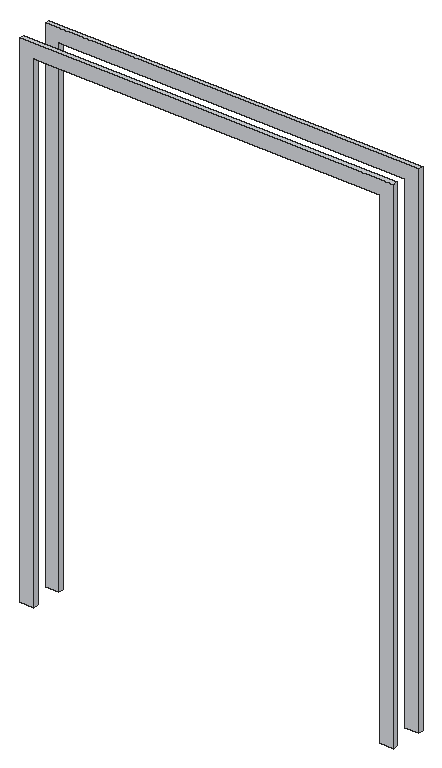
Revit family "Cua_Kinh_Cuong_Luc_2Canh_Bat2Chieu", category Doors, host Wall, Revit 2025
Family settings
  Host = Wall
  OmniClass Number = 23.30.10.00
  OmniClass Title = Doors
  Always vertical = Yes
  Cut with Voids When Loaded = No
  Shared = No
  Room Calculation Point = No
Parameters (values of type "D1 - Kính Cường Lực 10mm 2 Cánh")
  Function = Interior
  Frame Projection Ext. = 25 mm
  Frame Projection Int. = 25 mm
  Frame Width = 75 mm
  Height = 2700 mm
  Wall Closure = By host
  Width = 1900 mm
  Description = "Cửa kính cường lực 10mm 2 cánh bản lề sàn bật 2 chiều (D1)"
Reference planes
  plane 1: y = 0
  plane 2 "Center (Left/Right)": x = 0
  plane 3 "Left": x = -950
  plane 4 "Right": x = 950
  plane 5: z = 2700
  plane 6 "Exterior": y = 75
  plane 7 "Interior": y = -75
Forms (mm)
  Extrusion 1, solid
    sketch origin (-3050, -75, 0) x (1, 0, 0) y (0, 0, 1)
      loop
        line (2025, 0) -> (2100, 0) -> (2100, 2700) -> (4000, 2700) -> (4000, 0) -> (4075, 0) -> (4075, 2775) -> (2025, 2775) -> (2025, 0)
    from 0 to 25
  Extrusion 2, solid
    sketch origin (-3050, 75, 0) x (-1, 0, 0) y (0, 0, 1)
      loop
        line (-2100, 0) -> (-2025, 0) -> (-2025, 2775) -> (-4075, 2775) -> (-4075, 0) -> (-4000, 0) -> (-4000, 2700) -> (-2100, 2700) -> (-2100, 0)
    from 0 to 25
Lines and regions (mm)
  Opening 1
    outline origin (-3050, -75, 0) x (1, 0, 0) y (0, 0, 1)
      loop
        line (2100, 0) -> (4000, 0) -> (4000, 2700) -> (2100, 2700) -> (2100, 0)
  symbolic lines, style "Elevation Swing"
    curve 1: line (950, -75, 1350) -> (-950, -75, 2700)
    curve 2: line (950, -75, 1350) -> (-950, -75, 0)
  symbolic lines, style "Plan Swing"
    curve 3: arc (0, 0, 0) -> (-278.249, 671.751, 0) -> (-950, 950, 0) r 950
    curve 4: arc (-950, -950, 0) -> (-278.249, -671.751, 0) -> (0, 0, 0) r 950
    curve 5: arc (950, 950, 0) -> (278.249, 671.751, 0) -> (0, 0, 0) r 950
    curve 6: arc (0, 0, 0) -> (278.249, -671.751, 0) -> (950, -950, 0) r 950
    curve 11: line (-950, 0, 0) -> (950, 0, 0)
  symbolic lines, style "DoorsPanelProjection"
    curve 7: line (-950, 0, 0) -> (-278.249, 671.751, 0)
    curve 8: line (-950, 0, 0) -> (-278.249, -671.751, 0)
    curve 9: line (950, 0, 0) -> (278.249, 671.751, 0)
    curve 10: line (950, 0, 0) -> (278.249, -671.751, 0)
Text (mm)
  text "Exterior" at (-1376.75, 1099.543, 0), in view "Ref. Level"
  text "Exterior" at (0, 1615.38, 3698.081), in view "Left"
  text "Exterior" at (0, 1036.032, 3874.932), in view "Right"
Dimensions and locks
  equal spacing: plane 3 "Left", plane 2 "Center (Left/Right)", plane 4 "Right"
  "Width": plane 3 "Left" to plane 4 "Right"
  "Height": plane 5 to host wall
  equal spacing: host wall, curve 2, plane 5
  host wall to plane 5 = 2700 mm
  "Frame Projection Ext.": Extrusion 2 to Extrusion 2
  "Frame Projection Int.": Extrusion 1 to Extrusion 1
  "Frame Width": plane 3 "Left" to Extrusion 1 sketch curve
  "Frame Width": plane 4 "Right" to Extrusion 1 sketch curve
  "Frame Width": Extrusion 1 sketch curve to plane 5
  "Frame Width": plane 4 "Right" to Extrusion 2 sketch curve
  "Frame Width": plane 3 "Left" to Extrusion 2 sketch curve
  "Frame Width": plane 5 to Extrusion 2 sketch curve
  locked: plane 6 "Exterior" to host wall
  locked: plane 7 "Interior" to host wall
  aligned and locked: plane 3 "Left" to Opening 1 sketch curve
  aligned and locked: plane 5 to Opening 1 sketch curve  (x2)
  aligned and locked: Opening 1 sketch curve to plane 4 "Right"
  aligned and locked: Opening 1 sketch curve to level
  aligned and locked: level to Extrusion 1 sketch curve
  aligned and locked: plane 5 to Extrusion 1 sketch curve  (x2)
  aligned and locked: Extrusion 1 sketch curve to plane 4 "Right"
  aligned and locked: plane 3 "Left" to Extrusion 1 sketch curve
  aligned and locked: plane 3 "Left" to Extrusion 2 sketch curve
  aligned and locked: plane 5 to Extrusion 2 sketch curve  (x2)
  aligned and locked: level to Extrusion 2 sketch curve
  aligned and locked: plane 5 to curve 1
  aligned and locked: plane 3 "Left" to curve 2
  aligned and locked: plane 1 to host wall
  aligned and locked: plane 3 "Left" to curve 1
Automatic sketch dimensions
  Extrusion 2 sketch curve to plane 4 "Right" = 0 mm
  Extrusion 1 sketch curve to level = 0 mm
  Extrusion 2 sketch curve to level = 0 mm
  plane 4 "Right" to curve 2 = 0 mm
  curve 2 to level = 0 mm
  curve 3 to plane 3 "Left" = 0 mm
  host wall to curve 3 = 0 mm
  curve 3 to plane 2 "Center (Left/Right)" = 0 mm
  curve 3 to curve 4 = 0 mm
  curve 4 to plane 2 "Center (Left/Right)" = 0 mm
  curve 5 to plane 2 "Center (Left/Right)" = 0 mm
  curve 5 to plane 4 "Right" = 0 mm
  curve 5 to curve 6 = 0 mm
  curve 6 to plane 2 "Center (Left/Right)" = 0 mm
  curve 7 to plane 3 "Left" = 0 mm
  curve 7 to plane 2 "Center (Left/Right)" = 278.249 mm
  curve 7 to curve 9 = 0 mm
  curve 8 to curve 10 = 0 mm
